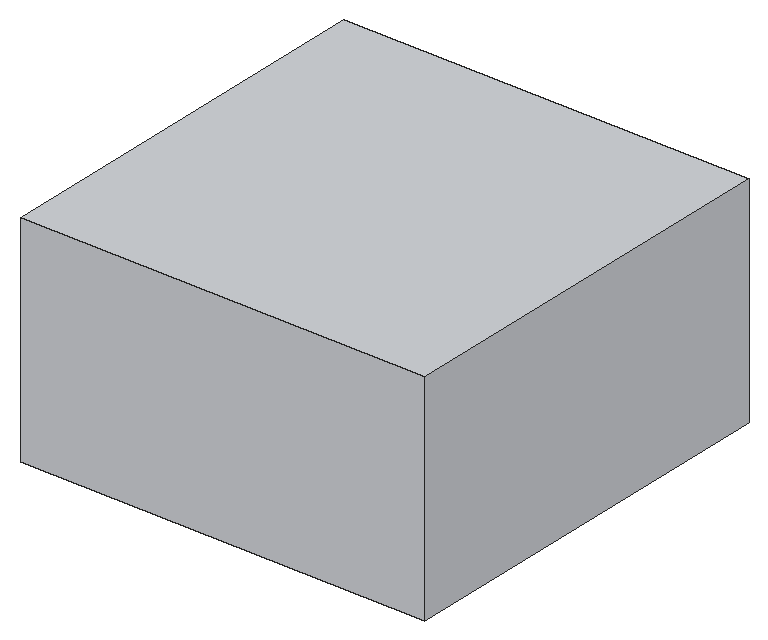
Revit family "M_Caixas de junção - Carga", category Iluminação elétrica, Revit 2019
Family settings
  Manter orientação da anotação = Não
  Cota do conector redondo = Utilizar diâmetro
  Tipo de parte = Caixa de junção
  Número OmniClass = 23.80.30.14.24
  Título OmniClass = Junction Boxes
  ID de item do Seek = Junction Boxes - Load-0000-CAN-ENU
  Com base no plano de trabalho = Não
  Sempre na vertical = Sim
  Corte com vazios quando carregada = Não
  Compartilhado = Não
  Ponto de cálculo do ambiente = Não
Parameters (values of type "100 quadrados 480- 3")
  Largura = 100 mm
  Voltagem = 480 V
  Power Factor [instance] = 1
  Número de pólos = 3
  Classificação de carga = Potência
  Carga [instance] = 500 VA
  Altura = 100 mm
  Linear = 54 mm
Types (7, lengths in mm): name | Voltagem | Número de pólos
  (no name) | 480 V | 3
  100 quadrados 120 - 1 | 120 V | 1
  100 quadrados 208 - 2 | 208 V | 2
  100 quadrados 208- 3 | 208 V | 3
  100 quadrados 277- 1 | 277 V | 1
  100 quadrados 480- 2 | 480 V | 2
  100 quadrados 480- 3 | 480 V | 3
Reference planes
  plane 1 "Centro (Frente/Trás)": y = 0
  plane 2: z = 0
  plane 3 "Centro (Esquerda/Direita)": x = 0
  plane 4: y = 50
  plane 5: y = -50
  plane 6: x = -50
  plane 7: x = 50
  plane 8: z = 54
Forms (mm)
  Extrusion 1, solid
    sketch origin (0, 0, 0) x (1, 0, 0) y (0, 1, 0)
      loop
        line (-50, 50) -> (-50, -50) -> (50, -50) -> (50, 50) -> (-50, 50)
    from 0 to 54
Lines and regions (mm)
  symbolic lines, detail levels fine
    curve 1: line (-50, 50, 0) -> (50, 50, 0)
    curve 2: line (-50, -50, 0) -> (-50, 50, 0)
    curve 3: line (50, -50, 0) -> (-50, -50, 0)
    curve 4: line (50, 50, 0) -> (50, -50, 0)
Dimensions and locks
  equal spacing: plane 6, plane 3 "Centro (Esquerda/Direita)", plane 7
  equal spacing: plane 4, plane 1 "Centro (Frente/Trás)", plane 5
  "Altura": plane 6 to plane 7
  "Largura": plane 4 to plane 5
  "Linear": level to plane 8
  aligned and locked: plane 6 to Extrusion 1 sketch curve
  aligned and locked: Extrusion 1 sketch curve to plane 4
  aligned and locked: plane 5 to Extrusion 1 sketch curve
  aligned and locked: plane 7 to Extrusion 1 sketch curve
  aligned and locked: plane 8 to Extrusion 1
  aligned and locked: plane 1 "Centro (Frente/Trás)" to nested 1
  aligned and locked: plane 3 "Centro (Esquerda/Direita)" to nested 1
Automatic sketch dimensions
  curve 3 to plane 5 = 0 mm
  curve 3 to plane 6 = 0 mm
  curve 3 to plane 7 = 0 mm
  curve 2 to plane 4 = 0 mm
Nested families
  nested 1: "M_Anotação das caixas de junção" at (0, 0, 0), type "M_Anotação das caixas de junção", detail levels coarse+medium
Connectors
  electrical at (0, 0, 54), driven by "Power Factor", driven by "Carga", driven by "Voltagem", driven by "Carga", driven by "Número de pólos", driven by "Classificação de carga"
    settings: on Extrusion 1, index 1, voltage 480 V, apparent load 500 VA, apparent load phase1 500 VA, apparent load phase2 0 VA, apparent load phase3 0 VA, power factor 1, load classification "Potência", number of poles 3, system type 30, power factor state 1, is connector primary yes, connector utility no, sub classification motor no, connector description ""
Definition of nested family "M_Anotação das caixas de junção"
  Parameters
    Legenda = "J"
  Reference planes
    plane 1: y = 0
    plane 2: x = 0
  Lines and regions (mm)
    detail lines
      curve 1: circle (0, 0, 0) r 2.381 normal (0, 0, 1)
  Text (mm)
    label "J" at (-0.674, -0.231, 0), shows "Legenda"
  Dimensions and locks
    aligned and locked: plane 1 to curve 1
    aligned and locked: plane 2 to curve 1
